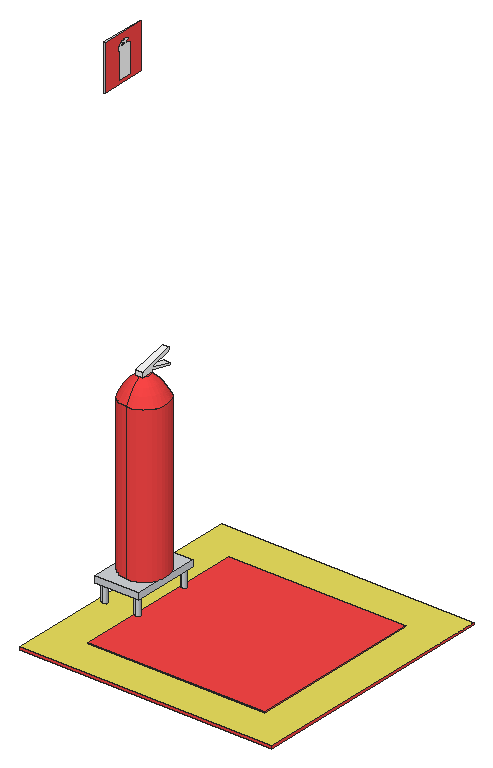
Revit family "Extintor_H2O", category Security Devices, Revit 2020
Family settings
  Maintain Annotation Orientation = No
  Round Connector Dimension = Use Diameter
  Part Type = Normal
  OmniClass Number = 23.65.70.17.27
  OmniClass Title = Fire Extinguishers
  Work Plane-Based = No
  Always vertical = Yes
  Cut with Voids When Loaded = No
  Shared = No
  Room Calculation Point = Yes
Parameters
  Nozzle Finish = Metal - Nystrom - Stainless Steel
  INC_Verificado [instance] = no
  INC_Validade Extintor [instance] = ""
  INC_Tipo de Extintor [instance] = ""
  INC_Classe de Fogo [instance] = ""
  INC_Carga do Extintor [instance] = ""
  INC_Altura Placa [instance] = 1.800189 m
  INC_Altura Extintor [instance] = 0.102623 m
  INC_Altura Alça [instance] = 0.795 m
  INC_Agente do Extintor [instance] = ""
  Default Elevation = 0.000 m
  INC_Extintor Móvel [instance] = no
  ABNT_Visibilidade Placa [instance] = ""
  ABNT_Codigo de Sinalização [instance] = ""
Reference planes (m)
  plane 1: z = 0
  plane 2 "NaParede": x = 0
  plane 3 "Eixo_X": y = -1.434717
  plane 4 "Topo": z = 0.795
  plane 5 "Eixo_Y": x = 0
  plane 6: z = 1.800189
Forms (m)
  Extrusion 1, solid, material "CT_INC_Sinal_Vermelho", detail levels fine
    sketch origin (0.725, -1.104717, 0) x (1, 0, 0) y (0, 1, 0)
      loop
        line (-0.575, 0.02) -> (-0.575, -0.68) -> (0.125, -0.68) -> (0.125, 0.02) -> (-0.575, 0.02)
    from 0 to 0.01
  Extrusion 2, solid, material "CT_INC_Sinal_Vermelho", detail levels fine
    sketch origin (0.725, -1.104717, 0) x (1, 0, 0) y (0, 1, 0)
      loop
        line (-0.725, 0.17) -> (-0.725, -0.83) -> (0.275, -0.83) -> (0.275, 0.17) -> (-0.725, 0.17)
    from 0 to 0.009
  Extrusion 3, solid, detail levels fine
    sketch origin (0, -0.694877, 0.559) x (0, -1, 0) y (0, 0, 1)
      loop
        line (0.706441, 1.366276) -> (0.706441, 1.260993) -> (0.756312, 1.260993) -> (0.756312, 1.366276) -> (0.756312, 1.370431) -> (0.754927, 1.373202) -> (0.752156, 1.375973) -> (0.748, 1.377358) -> (0.735533, 1.377358) -> (0.735533, 1.387055) -> (0.741628, 1.387055) -> (0.759083, 1.374587) -> (0.759083, 1.366276) -> (0.763239, 1.366276) -> (0.763239, 1.378743) -> (0.743844, 1.393982) -> (0.742805, 1.392596) -> (0.735533, 1.392596) -> (0.735533, 1.395367) -> (0.727221, 1.395367) -> (0.727221, 1.392596) -> (0.72168, 1.392596) -> (0.717524, 1.391211) -> (0.717524, 1.38844) -> (0.72168, 1.387055) -> (0.727221, 1.387055) -> (0.727221, 1.377358) -> (0.716138, 1.377358) -> (0.711983, 1.375973) -> (0.709212, 1.373202) -> (0.707827, 1.370431) -> (0.706441, 1.366276)
    from 0 to -0.01
  Extrusion 4, solid, detail levels fine
    sketch origin (0, -0.694877, 0.559) x (0, -1, 0) y (0, 0, 1)
      loop
        line (0.822826, 1.420168) -> (0.646854, 1.420168) -> (0.646854, 1.241189) -> (0.822826, 1.241189) -> (0.822826, 1.420168)
    from 0 to -0.005
  Revolve 5, solid, material "CT_INC_Extintor"
    sketch origin (0.0925, 0, 0.1) x (0, 1, 0) y (0, 0, 1)
      loop
        line (-1.434717, 0.695) -> (-1.457966, 0.695)
        spline (-1.457966, 0.695) -> (-1.468219, 0.687224) -> (-1.476967, 0.679476) -> (-1.484402, 0.671874) -> (-1.490715, 0.664538) -> (-1.496097, 0.657585) -> (-1.500739, 0.651135) -> (-1.504832, 0.645288) -> (-1.508534, 0.639859) -> (-1.511986, 0.634436) -> (-1.515326, 0.628597) -> (-1.51869, 0.621925) -> (-1.522217, 0.614)
        line (-1.522217, 0.614) -> (-1.522217, 0.002623) -> (-1.434717, 0.002623) -> (-1.434717, 0.695)
      axis (-1.434717, 0.695) -> (-1.434717, 0.002623)
    angle from 0 to 360
  Extrusion 6, solid
    sketch origin (0.002031, 0.162972, 1.202623) x (0, 1, 0) y (0, 0, 1)
      loop
        line (-1.730189, -1.1) -> (-1.730189, -1.125) -> (-1.460189, -1.125) -> (-1.460189, -1.1) -> (-1.730189, -1.1)
    from 0 to 0.175
  Extrusion 7, solid
    sketch origin (1.436748, -1.432217, 0.002623) x (0, -1, 0) y (1, 0, 0)
      loop
        circle (-0.114405, -1.281513) r 0.01
      loop
        circle (0.114405, -1.281513) r 0.01
      loop
        circle (-0.114405, -1.412922) r 0.01
      loop
        circle (0.114405, -1.412922) r 0.01
    from 0 to 0.075
  Extrusion 8, solid, material "Metal - Nystrom - Stainless Steel" <- "Nozzle Finish"
    sketch origin (0.091693, -1.553026, -3.399834) x (0, -1, 0) y (0, 0, -1)
      loop
        line (-0.095059, -4.194834) -> (-0.141557, -4.194834) -> (-0.141557, -4.20317) -> (-0.230479, -4.182641) -> (-0.230479, -4.19003) -> (-0.147721, -4.209136) -> (-0.147721, -4.213375) -> (-0.220556, -4.231535) -> (-0.227316, -4.238295) -> (-0.227316, -4.245318) -> (-0.095059, -4.212343) -> (-0.095059, -4.194834)
    from -0.0127 to 0.0127
Lines and regions (m)
  symbolic lines, style "04 - Combate a Incêndio"
    curve 1: line (0.45, -1.434717, 0) -> (0, -1.17491, 0)
    curve 2: line (0, -1.17491, 0) -> (0, -1.694525, 0)
    curve 3: line (0, -1.694525, 0) -> (0.45, -1.434717, 0)
    curve 4: circle (0.15, -1.434717, 0) r 0.096048 normal (0, 0, 1)
    curve 5: line (0.229082, -1.354839, 0) -> (0.15, -1.434717, 0)
    curve 6: line (0.15, -1.434717, 0) -> (0.229316, -1.514364, 0)
    curve 7: line (0.070918, -1.514596, 0) -> (0.15, -1.434717, 0)
    curve 8: line (0.15, -1.434717, 0) -> (0.070684, -1.355071, 0)
Dimensions and locks (m)
  "INC_Altura Extintor": Extrusion 6 to level
  "INC_Altura Alça": plane 4 "Topo" to level
  "INC_Altura Placa": plane 6 to level
  Extrusion 8 sketch curve to Extrusion 8 sketch curve to Extrusion 8 sketch curve to Extrusion 8 sketch curve to Extrusion 8 sketch curve to Extrusion 8 sketch curve to Extrusion 8 sketch curve to Extrusion 8 sketch curve to Extrusion 8 sketch curve = 0.00676 m, 0.01816 m, 0.001032 m, 0.003207 m, 0.005966 m, 0.008336 m, 0.004804 m, 0.007389 m
  Extrusion 8 sketch curve to Extrusion 8 sketch curve to Extrusion 8 sketch curve to Extrusion 8 sketch curve to Extrusion 8 sketch curve to Extrusion 8 sketch curve = 0.046498 m, 0.006164 m, 0.072835 m, 0.00676 m, 0.003163 m
  aligned and locked: level to plane 1
Automatic sketch dimensions
  curve 1 to plane 2 "NaParede" = 0.000 m
  plane 3 "Eixo_X" to curve 4 = 0.000 m
  plane 3 "Eixo_X" to curve 5 = 0.000 m
  plane 3 "Eixo_X" to curve 1 = 0.000 m
  plane 2 "NaParede" to curve 4 = 0.150 m
  curve 5 to curve 4 = 0.000 m
  curve 4 to curve 1 = 0.300 m
  plane 3 "Eixo_X" to curve 3 = 0.259808 m
  curve 1 to plane 3 "Eixo_X" = 0.259808 m
  plane 2 "NaParede" to curve 8 = 0.070684 m
  plane 2 "NaParede" to curve 7 = 0.070918 m
  curve 5 to plane 3 "Eixo_X" = 0.079878 m
  curve 4 to curve 5 = 0.079082 m
  plane 3 "Eixo_X" to curve 6 = 0.079646 m
  curve 4 to curve 6 = 0.079316 m
  plane 3 "Eixo_X" to curve 7 = 0.079878 m
  curve 8 to plane 3 "Eixo_X" = 0.079646 m
  plane 2 "NaParede" to Extrusion 1 sketch curve = 0.150 m
  Extrusion 1 sketch curve to Extrusion 1 sketch curve = 0.700 m
  plane 3 "Eixo_X" to Extrusion 1 sketch curve = 0.350 m
  Extrusion 1 sketch curve to plane 3 "Eixo_X" = 0.350 m
  Extrusion 2 sketch curve to plane 2 "NaParede" = 0.000 m
  Extrusion 2 sketch curve to Extrusion 2 sketch curve = 1.000 m
  plane 3 "Eixo_X" to Extrusion 2 sketch curve = 0.500 m
  Extrusion 2 sketch curve to plane 3 "Eixo_X" = 0.500 m
  Extrusion 3 sketch curve to plane 3 "Eixo_X" = 0.033399 m
  Extrusion 3 sketch curve to Extrusion 3 sketch curve = 0.001385 m  (x7)
  Extrusion 3 sketch curve to Extrusion 3 sketch curve = 0.002771 m  (x8)
  Extrusion 3 sketch curve to Extrusion 3 sketch curve = 0.004156 m  (x9)
  Extrusion 3 sketch curve to Extrusion 3 sketch curve = 0.011082 m
  Extrusion 3 sketch curve to Extrusion 3 sketch curve = 0.000 m  (x5)
  Extrusion 3 sketch curve to plane 3 "Eixo_X" = 0.004307 m  (x2)
  plane 3 "Eixo_X" to Extrusion 3 sketch curve = 0.001788 m
  plane 3 "Eixo_X" to Extrusion 3 sketch curve = 0.002965 m
  Extrusion 3 sketch curve to Extrusion 3 sketch curve = 0.001039 m
  plane 3 "Eixo_X" to Extrusion 3 sketch curve = 0.00816 m
  plane 3 "Eixo_X" to Extrusion 3 sketch curve = 0.016472 m
  plane 6 to Extrusion 3 sketch curve = 0.019804 m
  Extrusion 3 sketch curve to Extrusion 3 sketch curve = 0.105283 m
  Extrusion 3 sketch curve to Extrusion 3 sketch curve = 0.009697 m
  Extrusion 3 sketch curve to Extrusion 3 sketch curve = 0.005541 m  (x2)
  Extrusion 4 sketch curve to plane 6 = 0.000 m
  Extrusion 4 sketch curve to plane 3 "Eixo_X" = 0.092986 m
  plane 3 "Eixo_X" to Extrusion 4 sketch curve = 0.082986 m
  plane 6 to Extrusion 4 sketch curve = 0.178979 m
  Revolve 5 sketch curve to plane 4 "Topo" = 0.000 m
  Revolve 5 sketch curve to plane 3 "Eixo_X" = 0.000 m  (x2)
  plane 3 "Eixo_X" to Revolve 5 sketch curve = 0.023249 m
  plane 3 "Eixo_X" to Revolve 5 sketch curve = 0.0875 m
  Revolve 5 sketch curve to plane 4 "Topo" = 0.081 m
  level to Revolve 5 sketch curve = 0.102623 m
  Revolve 5 sketch curve to level = 0.215 m
  Revolve 5 sketch curve to Revolve 5 sketch curve = 0.030 m
  plane 3 "Eixo_X" to Extrusion 6 sketch curve = 0.1325 m
  Extrusion 6 sketch curve to plane 3 "Eixo_X" = 0.1375 m
  level to Extrusion 6 sketch curve = 0.077623 m
  Extrusion 6 sketch curve to Extrusion 6 sketch curve = 0.025 m
  plane 2 "NaParede" to Extrusion 7 sketch curve = 0.023826 m  (x2)
  Extrusion 7 sketch curve to plane 3 "Eixo_X" = 0.116905 m  (x2)
  plane 3 "Eixo_X" to Extrusion 7 sketch curve = 0.111905 m  (x2)
  Extrusion 7 sketch curve to Extrusion 7 sketch curve = 0.131409 m  (x2)
  Extrusion 8 sketch curve to plane 4 "Topo" = 0.000 m
  Extrusion 8 sketch curve to plane 3 "Eixo_X" = 0.112171 m
  Extrusion 8 sketch curve to Extrusion 8 sketch curve = 0.007023 m
  radius of curve 4 = 0.096048 m
  radius of Extrusion 7 sketch curve = 0.010 m  (x4)
